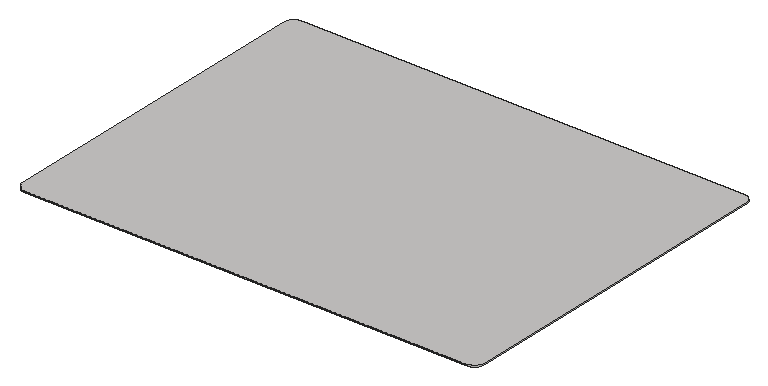
Revit family "PRD_FrankeWS_Mrrs_Mirror_CHRH401-CHRH601", category Furniture, host Face, Revit 2018
Family settings
  Host = Face
  OmniClass Number = 23.40.20.21
  OmniClass Title = Toilet and Bath Specialties
  Cut with Voids When Loaded = No
  Shared = No
  Room Calculation Point = No
Parameters (values of type "CHRH401, 400 x 300 mm")
  WarrantyStartDate [instance] = "1900-12-31T23:59:59"
  WarrantyGuarantorParts = "n/a"
  WarrantyGuarantorLabor = "n/a"
  WarrantyDurationUnit = "year"
  WarrantyDurationParts = "n/a"
  WarrantyDurationLabor = "n/a"
  WarrantyDescription = "n/a"
  Version = "1"
  Uniclass2015Version = "Products v1.5"
  Uniclass2015Title = "Bathroom mirrors"
  Uniclass2015Code = "Pr_25_71_53_06"
  URL = "www.kwc.com"
  TypeOfFixing = "Screw"
  TagNumber [instance] = "n/a"
  SustainabilityPerformance = "n/a"
  Style = "Mirror"
  Size = "400 x 300 x 1 mm"
  Shape = "n/a"
  SerialNumber [instance] = "n/a"
  Revision = "n/a"
  ReplacementCost = "n/a"
  ProductInformation = "https://pim.kwc.com/product/2000056953/attachment/datasheet?locale=en"
  NominalWidth = 400 mm
  NominalLength = 400 mm
  NominalHeight = 300 mm
  NominalDepth = 1 mm
  NetWeight = 1.00 kg
  Name = "Mirror CHRH401"
  NBSTypeID = "n/a"
  NBSReference = "45-35-72/336"
  NBSOfficeMasterTag = "n/a"
  NBSNote = "n/a"
  NBSDescription = "Mirrors"
  NBSCertification = "n/a"
  ModelReference = "CHRH401"
  ModelNumber = "2000056953"
  Model = ModelReference  # "CHRH401"
  MirrorMaterial = PRD_AR_StainlessSteel_HighPolished
  MaterialsGlazing = "Stainless steel 1.4301"
  MaterialsFrame = "n/a"
  Material = "Stainless steel"
  ManufacturerURL = "www.kwc.com"
  ManufacturerName = "KWC Group AG"  # constant formula
  Manufacturer = ManufacturerName  # "KWC Group AG"
  MainColor = "Stainless steel"
  IntegralAccessories = "Stainless steel screws and dowels incl."
  InstallationDate [instance] = "1900-12-31T23:59:59"
  IfcExportType = "NOTDEFINED"
  IfcExportAs = "IfcFurnitureType"
  GrossWeight = 1.20 kg
  Grade = "n/a"
  Form = "Wall mounted"
  Finish = "High polished"
  Features = "stainless steel, 1.00 mm, high polished, wall mounting, 400x300x1 mm (WxHxD)"
  ExpectedLife = "n/a"
  DurationUnit = "year"
  Description = "Stainless steel mirror for wall mounting, mirror with a reflective polished surface, material thickness 1 mm, four visible fixation points, incl. stainless steel screws and dowels. size: 400 x 300 mm"
  Default Elevation = 1100 mm
  Constituents = "n/a"
  Color = "Stainless steel"
  CodePerformance = "n/a"
  Category = "Pr_25_71_53_06, Bathroom mirrors"
  BarCode [instance] = "n/a"
  BIMObjectName = "PRD_AR_Mirrors_Mirror_CHRH401"
  Author = "Archispace"  # constant formula
  AssetType = "Fixed"
  AssetIdentifier [instance] = "n/a"
  AccessibilityPerformance = "n/a"
Types (3, lengths in mm): name | Size | ProductInformation | NominalWidth | NominalLength | NominalHeight | NetWeight | Name | ModelReference | ModelNumber | Model | GrossWeight | Features | Description | BIMObjectName
  CHRH401, 400 x 300 mm | "400 x 300 x 1 mm" | "https://pim.kwc.com/product/2000056953/attachment/datasheet?locale=en" | 400 | 400 | 300 | 1.00 kg | "Mirror CHRH401" | "CHRH401" | "2000056953" | "CHRH401" | 1.20 kg | "stainless steel, 1.00 mm, high polished, wall mounting, 400x300x1 mm (WxHxD)" | "Stainless steel mirror for wall mounting, mirror with a reflective polished surface, material thickness 1 mm, four visible fixation points, incl. stainless steel screws and dowels. size: 400 x 300 mm" | "PRD_AR_Mirrors_Mirror_CHRH401"
  CHRH501, 500 x 400 mm | "500 x 400 x 1 mm" | "https://pim.kwc.com/product/2000056955/attachment/datasheet?locale=en" | 500 | 500 | 400 | 1.60 kg | "Mirror CHRH501" | "CHRH501" | "2000056955" | "CHRH501" | 1.80 kg | "stainless steel, 1.00 mm, high polished, wall mounting, 500x400x1 mm (WxHxD)" | "Stainless steel mirror for wall mounting, mirror with a reflective polished surface, material thickness 1 mm, four visible fixation points, incl. stainless steel screws and dowels. size: 500 x 400 mm" | "PRD_AR_Mirrors_Mirror_CHRH501"
  CHRH601, 600 x 500 mm | "600 x 500 x 1 mm" | "https://pim.kwc.com/product/2000056956/attachment/datasheet?locale=en" | 600 | 600 | 500 | 2.40 kg | "Mirror CHRH601" | "CHRH601" | "2000056956" | "CHRH601" | 2.60 kg | "stainless steel, 1.00 mm, high polished, wall mounting, 600x500x1 mm (WxHxD)" | "Stainless steel mirror for wall mounting, mirror with a reflective polished surface, material thickness 1 mm, four visible fixation points, incl. stainless steel screws and dowels. size: 600 x 500 mm" | "PRD_AR_Mirrors_Mirror_CHRH601"
Reference planes
  plane 1 "Center (Front/Back)": y = 0
  plane 2: z = 0
  plane 3 "Center (Left/Right)": x = 0
  plane 4: x = -200
  plane 5: x = 200
  plane 6: y = 300
Forms (mm)
  Extrusion 1, solid, material "PRD_AR_StainlessSteel_HighPolished" <- "MirrorMaterial"
    sketch origin (0, 0, 0) x (1, 0, 0) y (0, 1, 0)
      loop
        line (-200, 290) -> (-200, 10)
        arc (-200, 10) -> (-197.071, 2.929) -> (-190, 0) r 10
        line (-190, 0) -> (190, 0)
        arc (190, 0) -> (197.071, 2.929) -> (200, 10) r 10
        line (200, 10) -> (200, 290)
        arc (200, 290) -> (197.071, 297.071) -> (190, 300) r 10
        line (190, 300) -> (-190, 300)
        arc (-190, 300) -> (-197.071, 297.071) -> (-200, 290) r 10
    from 0 to 1
Dimensions and locks
  equal spacing: plane 4, plane 3 "Center (Left/Right)", plane 5
  "NominalLength": plane 4 to plane 5
  "NominalHeight": plane 1 "Center (Front/Back)" to plane 6
  aligned and locked: plane 2 to host face
  aligned and locked: level to host face
  aligned and locked: Extrusion 1 sketch curve to plane 4
  aligned and locked: Extrusion 1 sketch curve to plane 6
  aligned and locked: plane 5 to Extrusion 1 sketch curve
  aligned and locked: Extrusion 1 sketch curve to plane 1 "Center (Front/Back)"
Automatic sketch dimensions
  host sketch curve to host sketch curve = 2438.4 mm  (x2)
  plane 4 to Extrusion 1 sketch curve = 10 mm
  Extrusion 1 sketch curve to plane 1 "Center (Front/Back)" = 10 mm
  Extrusion 1 sketch curve to Extrusion 1 sketch curve = 10 mm
  plane 5 to Extrusion 1 sketch curve = 10 mm
